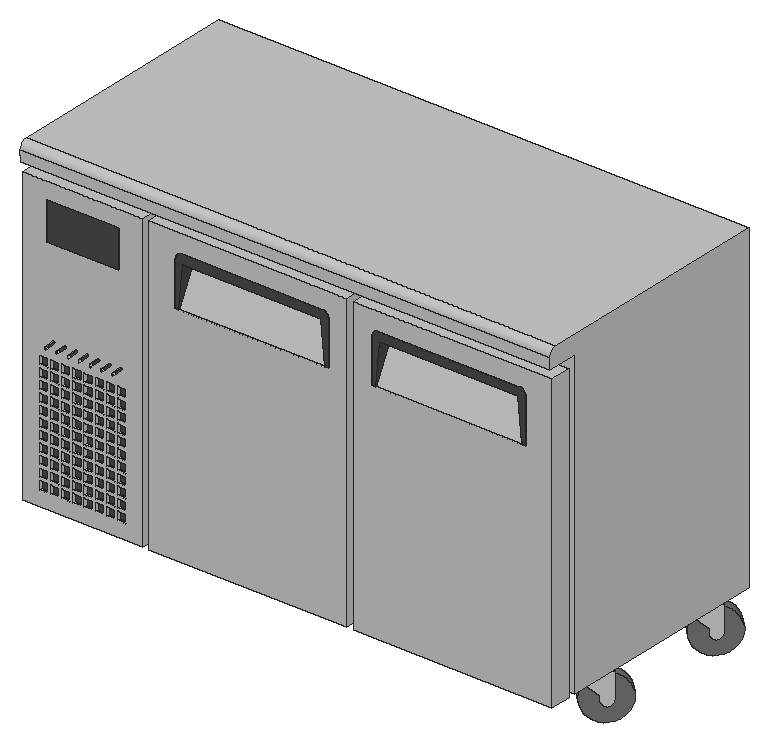
Revit family "QF_Turbo Air_JUR-48Naece8cd7-d3ac-46fe-89af-6d6bcccee4e3", category Specialty Equipment, Revit 2012
Parameters
  Weight in Pounds = 190
  Watermarked By = "http://revitwatermark.com"
  Volts = 115 V
  URL Cutsheet = ""
  URL = "www.turboairinc.com"
  Status [instance] = ""
  Specification by User [instance] = ""
  Specification by Manufacturer [instance] = ""
  Serial Number [instance] = ""
  Revision Code [instance] = ""
  Phase = 1
  Number of Poles [instance] = 1
  NAFEM Spec ID Number [instance] = ""
  Model = "JUR-48N"
  Masterspec [instance] = ""
  Manufacturer = "Turbo Air"  # constant formula
  Legs [instance] = [6 inch Legs]  # no
  Item Number [instance] = "-"
  Installed By [instance] = ""
  HP = "1/4"
  Furnished By [instance] = ""
  Foodservice Equipment Identifier = yes
  FL Amps = 4.5 A
  Electrical Remarks [instance] = ""
  Electric Connection Type [instance] = ""
  Elec Conn RI Height [instance] = 0' - 0"
  Elec Conn Connection Height = 1' - 0"
  Description = "Undercounter Refrigerator"
  Cycle = 60 Hz
  Conn Plug = "NEMA 5-15P"
  Casters [instance] = not(Legs)  # yes
  CasterLeg Height [instance] = if([4 inch Casters], 0' 5", if([5 inch Casters], 0' 5 3/4", if([2_5 inch Casters], 0' 3 3/8", 0' 6")))  # 0' - 5"
  CSI MasterFormat = "11 41 13"
  Assembly Code = "E1090320"
  Apparent Power = if(Phase = 3, Volts * FL Amps * 1.73, Volts * FL Amps)  # 517.5 VA
  6 inch Legs [instance] = no
  5 inch Casters [instance] = no
  4 inch Casters [instance] = yes
  2_5 inch Casters [instance] = no
Reference planes (in)
  plane 1 "BACK": y = -5.375
  plane 2: z = 0
  plane 3 "LEFT": x = -20.72594
  plane 4 "Bottom": z = 5
  plane 5 "Back Stops": y = -4.375
  plane 6 "RIGHT": x = 26.52406
  plane 7 "FRONT": y = -29
  plane 8 "Door Clearance": y = -43.375
  plane 9 "Back of Door": y = -25.4375
  plane 10 "Front of Box": y = -24.75
  plane 11 "Counter Top": z = 33.75
  plane 12 "Top of Door": z = 31.25
  plane 13 "Front of Doors": y = -27.25
  plane 14 "Front of Ledge": y = -27.5
  plane 15 "Left of Right Door": x = 8.83656
  plane 16 "Right of Grill": x = -9.97594
  plane 17 "Right of Left Door": x = 8.21156
  plane 18 "Left of Left Door": x = -9.47594
Forms (in)
  Extrusion 1, solid, material "QF_Finishes_Stainless Steel"
    sketch origin (-20.72594, 0, 0) x (0, 1, 0) y (0, 0, 1)
      loop
        line (-5.375, 5) -> (-5.375, 33.75) -> (-26.8125, 33.75)
        arc (-26.8125, 33.75) -> (-27.29864, 33.54864) -> (-27.5, 33.0625) r 0.6875
        line (-27.5, 33.0625) -> (-27.5, 32.125) -> (-24.75, 32.125) -> (-24.75, 5) -> (-5.375, 5)
    from 0 to 47.25
  Extrusion 2, solid, material "QF_Finishes_Black"
    sketch origin (0, -24.75, 0) x (1, 0, 0) y (0, 0, 1)
      loop
        line (25.52406, 6) -> (25.52406, 30.25) -> (9.83656, 30.25) -> (9.83656, 6) -> (25.52406, 6)
      loop
        line (7.21156, 6) -> (7.21156, 30.25) -> (-8.47594, 30.25) -> (-8.47594, 6) -> (7.21156, 6)
    from 0 to 0.6875
  Extrusion 3, solid, material "QF_Finishes_Black"
    sketch origin (0, -5.375, 0) x (1, 0, 0) y (0, 0, 1)
      loop
        circle (-14.60094, 28.9375) r 0.5
      loop
        circle (20.39906, 28.9375) r 0.5
    from 0 to -1
  Extrusion 4, solid, material "QF_Finishes_Stainless Steel"
    sketch origin (0, -5.375, 0) x (1, 0, 0) y (0, 0, 1)
      loop
        circle (-15.35094, 11.125) r 0.25
    from 0 to -0.0625
  Extrusion 5, solid, material "QF_Finishes_Stainless Steel"
    sketch origin (0, -24.75, 0) x (1, 0, 0) y (0, 0, 1)
      loop
        line (-20.72594, 31.25) -> (-20.72594, 5) -> (-9.97594, 5) -> (-9.97594, 31.25) -> (-20.72594, 31.25)
      loop
        line (-11.47594, 7.125) -> (-12.22594, 7.125) -> (-12.22594, 6.375) -> (-11.47594, 6.375) -> (-11.47594, 7.125)
      loop
        line (-12.47594, 7.125) -> (-13.22594, 7.125) -> (-13.22594, 6.375) -> (-12.47594, 6.375) -> (-12.47594, 7.125)
      loop
        line (-13.47594, 7.125) -> (-14.22594, 7.125) -> (-14.22594, 6.375) -> (-13.47594, 6.375) -> (-13.47594, 7.125)
      loop
        line (-14.47594, 7.125) -> (-15.22594, 7.125) -> (-15.22594, 6.375) -> (-14.47594, 6.375) -> (-14.47594, 7.125)
      loop
        line (-15.47594, 7.125) -> (-16.22594, 7.125) -> (-16.22594, 6.375) -> (-15.47594, 6.375) -> (-15.47594, 7.125)
      loop
        line (-16.47594, 7.125) -> (-17.22594, 7.125) -> (-17.22594, 6.375) -> (-16.47594, 6.375) -> (-16.47594, 7.125)
      loop
        line (-17.47594, 7.125) -> (-18.22594, 7.125) -> (-18.22594, 6.375) -> (-17.47594, 6.375) -> (-17.47594, 7.125)
      loop
        line (-18.47594, 7.125) -> (-19.22594, 7.125) -> (-19.22594, 6.375) -> (-18.47594, 6.375) -> (-18.47594, 7.125)
      loop
        line (-11.47594, 8.125) -> (-12.22594, 8.125) -> (-12.22594, 7.375) -> (-11.47594, 7.375) -> (-11.47594, 8.125)
      loop
        line (-12.47594, 8.125) -> (-13.22594, 8.125) -> (-13.22594, 7.375) -> (-12.47594, 7.375) -> (-12.47594, 8.125)
      loop
        line (-13.47594, 8.125) -> (-14.22594, 8.125) -> (-14.22594, 7.375) -> (-13.47594, 7.375) -> (-13.47594, 8.125)
      loop
        line (-14.47594, 8.125) -> (-15.22594, 8.125) -> (-15.22594, 7.375) -> (-14.47594, 7.375) -> (-14.47594, 8.125)
      loop
        line (-15.47594, 8.125) -> (-16.22594, 8.125) -> (-16.22594, 7.375) -> (-15.47594, 7.375) -> (-15.47594, 8.125)
      loop
        line (-16.47594, 8.125) -> (-17.22594, 8.125) -> (-17.22594, 7.375) -> (-16.47594, 7.375) -> (-16.47594, 8.125)
      loop
        line (-17.47594, 8.125) -> (-18.22594, 8.125) -> (-18.22594, 7.375) -> (-17.47594, 7.375) -> (-17.47594, 8.125)
      loop
        line (-18.47594, 8.125) -> (-19.22594, 8.125) -> (-19.22594, 7.375) -> (-18.47594, 7.375) -> (-18.47594, 8.125)
      loop
        line (-11.47594, 9.125) -> (-12.22594, 9.125) -> (-12.22594, 8.375) -> (-11.47594, 8.375) -> (-11.47594, 9.125)
      loop
        line (-12.47594, 9.125) -> (-13.22594, 9.125) -> (-13.22594, 8.375) -> (-12.47594, 8.375) -> (-12.47594, 9.125)
      loop
        line (-13.47594, 9.125) -> (-14.22594, 9.125) -> (-14.22594, 8.375) -> (-13.47594, 8.375) -> (-13.47594, 9.125)
      loop
        line (-14.47594, 9.125) -> (-15.22594, 9.125) -> (-15.22594, 8.375) -> (-14.47594, 8.375) -> (-14.47594, 9.125)
      loop
        line (-15.47594, 9.125) -> (-16.22594, 9.125) -> (-16.22594, 8.375) -> (-15.47594, 8.375) -> (-15.47594, 9.125)
      loop
        line (-16.47594, 9.125) -> (-17.22594, 9.125) -> (-17.22594, 8.375) -> (-16.47594, 8.375) -> (-16.47594, 9.125)
      loop
        line (-17.47594, 9.125) -> (-18.22594, 9.125) -> (-18.22594, 8.375) -> (-17.47594, 8.375) -> (-17.47594, 9.125)
      loop
        line (-18.47594, 9.125) -> (-19.22594, 9.125) -> (-19.22594, 8.375) -> (-18.47594, 8.375) -> (-18.47594, 9.125)
      loop
        line (-11.47594, 10.125) -> (-12.22594, 10.125) -> (-12.22594, 9.375) -> (-11.47594, 9.375) -> (-11.47594, 10.125)
      loop
        line (-12.47594, 10.125) -> (-13.22594, 10.125) -> (-13.22594, 9.375) -> (-12.47594, 9.375) -> (-12.47594, 10.125)
      loop
        line (-13.47594, 10.125) -> (-14.22594, 10.125) -> (-14.22594, 9.375) -> (-13.47594, 9.375) -> (-13.47594, 10.125)
      loop
        line (-14.47594, 10.125) -> (-15.22594, 10.125) -> (-15.22594, 9.375) -> (-14.47594, 9.375) -> (-14.47594, 10.125)
      loop
        line (-15.47594, 10.125) -> (-16.22594, 10.125) -> (-16.22594, 9.375) -> (-15.47594, 9.375) -> (-15.47594, 10.125)
      loop
        line (-16.47594, 10.125) -> (-17.22594, 10.125) -> (-17.22594, 9.375) -> (-16.47594, 9.375) -> (-16.47594, 10.125)
      loop
        line (-17.47594, 10.125) -> (-18.22594, 10.125) -> (-18.22594, 9.375) -> (-17.47594, 9.375) -> (-17.47594, 10.125)
      loop
        line (-18.47594, 10.125) -> (-19.22594, 10.125) -> (-19.22594, 9.375) -> (-18.47594, 9.375) -> (-18.47594, 10.125)
      loop
        line (-11.47594, 11.125) -> (-12.22594, 11.125) -> (-12.22594, 10.375) -> (-11.47594, 10.375) -> (-11.47594, 11.125)
      loop
        line (-12.47594, 11.125) -> (-13.22594, 11.125) -> (-13.22594, 10.375) -> (-12.47594, 10.375) -> (-12.47594, 11.125)
      loop
        line (-13.47594, 11.125) -> (-14.22594, 11.125) -> (-14.22594, 10.375) -> (-13.47594, 10.375) -> (-13.47594, 11.125)
      loop
        line (-14.47594, 11.125) -> (-15.22594, 11.125) -> (-15.22594, 10.375) -> (-14.47594, 10.375) -> (-14.47594, 11.125)
      loop
        line (-15.47594, 11.125) -> (-16.22594, 11.125) -> (-16.22594, 10.375) -> (-15.47594, 10.375) -> (-15.47594, 11.125)
      loop
        line (-16.47594, 11.125) -> (-17.22594, 11.125) -> (-17.22594, 10.375) -> (-16.47594, 10.375) -> (-16.47594, 11.125)
      loop
        line (-17.47594, 11.125) -> (-18.22594, 11.125) -> (-18.22594, 10.375) -> (-17.47594, 10.375) -> (-17.47594, 11.125)
      loop
        line (-18.47594, 11.125) -> (-19.22594, 11.125) -> (-19.22594, 10.375) -> (-18.47594, 10.375) -> (-18.47594, 11.125)
      loop
        line (-11.47594, 12.125) -> (-12.22594, 12.125) -> (-12.22594, 11.375) -> (-11.47594, 11.375) -> (-11.47594, 12.125)
      loop
        line (-12.47594, 12.125) -> (-13.22594, 12.125) -> (-13.22594, 11.375) -> (-12.47594, 11.375) -> (-12.47594, 12.125)
      loop
        line (-13.47594, 12.125) -> (-14.22594, 12.125) -> (-14.22594, 11.375) -> (-13.47594, 11.375) -> (-13.47594, 12.125)
      loop
        line (-14.47594, 12.125) -> (-15.22594, 12.125) -> (-15.22594, 11.375) -> (-14.47594, 11.375) -> (-14.47594, 12.125)
      loop
        line (-15.47594, 12.125) -> (-16.22594, 12.125) -> (-16.22594, 11.375) -> (-15.47594, 11.375) -> (-15.47594, 12.125)
      loop
        line (-16.47594, 12.125) -> (-17.22594, 12.125) -> (-17.22594, 11.375) -> (-16.47594, 11.375) -> (-16.47594, 12.125)
      loop
        line (-17.47594, 12.125) -> (-18.22594, 12.125) -> (-18.22594, 11.375) -> (-17.47594, 11.375) -> (-17.47594, 12.125)
      loop
        line (-18.47594, 12.125) -> (-19.22594, 12.125) -> (-19.22594, 11.375) -> (-18.47594, 11.375) -> (-18.47594, 12.125)
      loop
        line (-11.47594, 13.125) -> (-12.22594, 13.125) -> (-12.22594, 12.375) -> (-11.47594, 12.375) -> (-11.47594, 13.125)
      loop
        line (-12.47594, 13.125) -> (-13.22594, 13.125) -> (-13.22594, 12.375) -> (-12.47594, 12.375) -> (-12.47594, 13.125)
      loop
        line (-13.47594, 13.125) -> (-14.22594, 13.125) -> (-14.22594, 12.375) -> (-13.47594, 12.375) -> (-13.47594, 13.125)
      loop
        line (-14.47594, 13.125) -> (-15.22594, 13.125) -> (-15.22594, 12.375) -> (-14.47594, 12.375) -> (-14.47594, 13.125)
      loop
        line (-15.47594, 13.125) -> (-16.22594, 13.125) -> (-16.22594, 12.375) -> (-15.47594, 12.375) -> (-15.47594, 13.125)
      loop
        line (-16.47594, 13.125) -> (-17.22594, 13.125) -> (-17.22594, 12.375) -> (-16.47594, 12.375) -> (-16.47594, 13.125)
      loop
        line (-17.47594, 13.125) -> (-18.22594, 13.125) -> (-18.22594, 12.375) -> (-17.47594, 12.375) -> (-17.47594, 13.125)
      loop
        line (-18.47594, 13.125) -> (-19.22594, 13.125) -> (-19.22594, 12.375) -> (-18.47594, 12.375) -> (-18.47594, 13.125)
      loop
        line (-11.47594, 14.125) -> (-12.22594, 14.125) -> (-12.22594, 13.375) -> (-11.47594, 13.375) -> (-11.47594, 14.125)
      loop
        line (-12.47594, 14.125) -> (-13.22594, 14.125) -> (-13.22594, 13.375) -> (-12.47594, 13.375) -> (-12.47594, 14.125)
      loop
        line (-13.47594, 14.125) -> (-14.22594, 14.125) -> (-14.22594, 13.375) -> (-13.47594, 13.375) -> (-13.47594, 14.125)
      loop
        line (-14.47594, 14.125) -> (-15.22594, 14.125) -> (-15.22594, 13.375) -> (-14.47594, 13.375) -> (-14.47594, 14.125)
      loop
        line (-15.47594, 14.125) -> (-16.22594, 14.125) -> (-16.22594, 13.375) -> (-15.47594, 13.375) -> (-15.47594, 14.125)
      loop
        line (-16.47594, 14.125) -> (-17.22594, 14.125) -> (-17.22594, 13.375) -> (-16.47594, 13.375) -> (-16.47594, 14.125)
      loop
        line (-17.47594, 14.125) -> (-18.22594, 14.125) -> (-18.22594, 13.375) -> (-17.47594, 13.375) -> (-17.47594, 14.125)
      loop
        line (-18.47594, 14.125) -> (-19.22594, 14.125) -> (-19.22594, 13.375) -> (-18.47594, 13.375) -> (-18.47594, 14.125)
      loop
        line (-11.47594, 15.125) -> (-12.22594, 15.125) -> (-12.22594, 14.375) -> (-11.47594, 14.375) -> (-11.47594, 15.125)
      loop
        line (-12.47594, 15.125) -> (-13.22594, 15.125) -> (-13.22594, 14.375) -> (-12.47594, 14.375) -> (-12.47594, 15.125)
      loop
        line (-13.47594, 15.125) -> (-14.22594, 15.125) -> (-14.22594, 14.375) -> (-13.47594, 14.375) -> (-13.47594, 15.125)
      loop
        line (-14.47594, 15.125) -> (-15.22594, 15.125) -> (-15.22594, 14.375) -> (-14.47594, 14.375) -> (-14.47594, 15.125)
      loop
        line (-15.47594, 15.125) -> (-16.22594, 15.125) -> (-16.22594, 14.375) -> (-15.47594, 14.375) -> (-15.47594, 15.125)
      loop
        line (-16.47594, 15.125) -> (-17.22594, 15.125) -> (-17.22594, 14.375) -> (-16.47594, 14.375) -> (-16.47594, 15.125)
      loop
        line (-17.47594, 15.125) -> (-18.22594, 15.125) -> (-18.22594, 14.375) -> (-17.47594, 14.375) -> (-17.47594, 15.125)
      loop
        line (-18.47594, 15.125) -> (-19.22594, 15.125) -> (-19.22594, 14.375) -> (-18.47594, 14.375) -> (-18.47594, 15.125)
      loop
        line (-11.47594, 16.125) -> (-12.22594, 16.125) -> (-12.22594, 15.375) -> (-11.47594, 15.375) -> (-11.47594, 16.125)
      loop
        line (-12.47594, 16.125) -> (-13.22594, 16.125) -> (-13.22594, 15.375) -> (-12.47594, 15.375) -> (-12.47594, 16.125)
      loop
        line (-13.47594, 16.125) -> (-14.22594, 16.125) -> (-14.22594, 15.375) -> (-13.47594, 15.375) -> (-13.47594, 16.125)
      loop
        line (-14.47594, 16.125) -> (-15.22594, 16.125) -> (-15.22594, 15.375) -> (-14.47594, 15.375) -> (-14.47594, 16.125)
      loop
        line (-15.47594, 16.125) -> (-16.22594, 16.125) -> (-16.22594, 15.375) -> (-15.47594, 15.375) -> (-15.47594, 16.125)
      loop
        line (-16.47594, 16.125) -> (-17.22594, 16.125) -> (-17.22594, 15.375) -> (-16.47594, 15.375) -> (-16.47594, 16.125)
      loop
        line (-17.47594, 16.125) -> (-18.22594, 16.125) -> (-18.22594, 15.375) -> (-17.47594, 15.375) -> (-17.47594, 16.125)
      loop
        line (-18.47594, 16.125) -> (-19.22594, 16.125) -> (-19.22594, 15.375) -> (-18.47594, 15.375) -> (-18.47594, 16.125)
      loop
        line (-11.47594, 17.125) -> (-12.22594, 17.125) -> (-12.22594, 16.375) -> (-11.47594, 16.375) -> (-11.47594, 17.125)
      loop
        line (-12.47594, 17.125) -> (-13.22594, 17.125) -> (-13.22594, 16.375) -> (-12.47594, 16.375) -> (-12.47594, 17.125)
      loop
        line (-13.47594, 17.125) -> (-14.22594, 17.125) -> (-14.22594, 16.375) -> (-13.47594, 16.375) -> (-13.47594, 17.125)
      loop
        line (-14.47594, 17.125) -> (-15.22594, 17.125) -> (-15.22594, 16.375) -> (-14.47594, 16.375) -> (-14.47594, 17.125)
      loop
        line (-15.47594, 17.125) -> (-16.22594, 17.125) -> (-16.22594, 16.375) -> (-15.47594, 16.375) -> (-15.47594, 17.125)
      loop
        line (-16.47594, 17.125) -> (-17.22594, 17.125) -> (-17.22594, 16.375) -> (-16.47594, 16.375) -> (-16.47594, 17.125)
      loop
        line (-17.47594, 17.125) -> (-18.22594, 17.125) -> (-18.22594, 16.375) -> (-17.47594, 16.375) -> (-17.47594, 17.125)
      loop
        line (-18.47594, 17.125) -> (-19.22594, 17.125) -> (-19.22594, 16.375) -> (-18.47594, 16.375) -> (-18.47594, 17.125)
      loop
        arc (-14.68933, 17.96339) -> (-14.68933, 17.78661) -> (-14.51255, 17.78661) r 0.125
        line (-14.51255, 17.78661) -> (-13.80544, 18.49372)
        arc (-13.80544, 18.49372) -> (-13.80544, 18.6705) -> (-13.98222, 18.6705) r 0.125
        line (-13.98222, 18.6705) -> (-14.68933, 17.96339)
      loop
        arc (-13.68933, 17.96339) -> (-13.68933, 17.78661) -> (-13.51255, 17.78661) r 0.125
        line (-13.51255, 17.78661) -> (-12.80544, 18.49372)
        arc (-12.80544, 18.49372) -> (-12.80544, 18.6705) -> (-12.98222, 18.6705) r 0.125
        line (-12.98222, 18.6705) -> (-13.68933, 17.96339)
      loop
        arc (-12.68933, 17.96339) -> (-12.68933, 17.78661) -> (-12.51255, 17.78661) r 0.125
        line (-12.51255, 17.78661) -> (-11.80544, 18.49372)
        arc (-11.80544, 18.49372) -> (-11.80544, 18.6705) -> (-11.98222, 18.6705) r 0.125
        line (-11.98222, 18.6705) -> (-12.68933, 17.96339)
      loop
        arc (-17.68933, 17.96339) -> (-17.68933, 17.78661) -> (-17.51255, 17.78661) r 0.125
        line (-17.51255, 17.78661) -> (-16.80544, 18.49372)
        arc (-16.80544, 18.49372) -> (-16.80544, 18.6705) -> (-16.98222, 18.6705) r 0.125
        line (-16.98222, 18.6705) -> (-17.68933, 17.96339)
      loop
        arc (-16.68933, 17.96339) -> (-16.68933, 17.78661) -> (-16.51255, 17.78661) r 0.125
        line (-16.51255, 17.78661) -> (-15.80544, 18.49372)
        arc (-15.80544, 18.49372) -> (-15.80544, 18.6705) -> (-15.98222, 18.6705) r 0.125
        line (-15.98222, 18.6705) -> (-16.68933, 17.96339)
      loop
        arc (-15.68933, 17.96339) -> (-15.68933, 17.78661) -> (-15.51255, 17.78661) r 0.125
        line (-15.51255, 17.78661) -> (-14.80544, 18.49372)
        arc (-14.80544, 18.49372) -> (-14.80544, 18.6705) -> (-14.98222, 18.6705) r 0.125
        line (-14.98222, 18.6705) -> (-15.68933, 17.96339)
      loop
        arc (-18.68933, 17.96339) -> (-18.68933, 17.78661) -> (-18.51255, 17.78661) r 0.125
        line (-18.51255, 17.78661) -> (-17.80544, 18.49372)
        arc (-17.80544, 18.49372) -> (-17.80544, 18.6705) -> (-17.98222, 18.6705) r 0.125
        line (-17.98222, 18.6705) -> (-18.68933, 17.96339)
      loop
        line (-12.16344, 29.75) -> (-18.53844, 29.75) -> (-18.53844, 26.375) -> (-12.16344, 26.375) -> (-12.16344, 29.75)
    from 0 to 2.5
  Extrusion 6, solid, material "QF_Finishes_Black"
    sketch origin (0, -24.75, 0) x (1, 0, 0) y (0, 0, 1)
      loop
        line (-19.72594, 5.875) -> (-10.97594, 5.875) -> (-10.97594, 19.125) -> (-19.72594, 19.125) -> (-19.72594, 5.875)
    from 0 to 2.25
  Extrusion 7, solid, material "QF_Finishes_Black"
    sketch origin (0, -24.75, 0) x (1, 0, 0) y (0, 0, 1)
      loop
        line (-18.53844, 29.75) -> (-18.53844, 26.375) -> (-12.16344, 26.375) -> (-12.16344, 29.75) -> (-18.53844, 29.75)
    from 0 to 2.5
Lines and regions (in)
  symbolic lines
    curve 1: line (-20.72594, -5.375, 33.75) -> (26.52406, -5.375, 33.75)
    curve 2: line (-20.72594, -29, 33.75) -> (-20.72594, -5.375, 33.75)
    curve 3: line (26.52406, -29, 33.75) -> (-20.72594, -29, 33.75)
    curve 4: line (26.52406, -5.375, 33.75) -> (26.52406, -29, 33.75)
    curve 5: line (19.89906, -4.375, 33.75) -> (20.89906, -4.375, 33.75)
    curve 6: line (-15.10094, -4.375, 33.75) -> (-14.10094, -4.375, 33.75)
    curve 7: line (-15.10094, -4.375, 33.75) -> (-15.10094, -5.375, 33.75)
    curve 8: line (-14.10094, -4.375, 33.75) -> (-14.10094, -5.375, 33.75)
    curve 9: line (19.89906, -4.375, 33.75) -> (19.89906, -5.375, 33.75)
    curve 10: line (20.89906, -4.375, 33.75) -> (20.89906, -5.375, 33.75)
  symbolic lines, style "QF_Clearances", detail levels coarse
    curve 11: line (26.52406, -29, 33.75) -> (26.52406, -43.375, 33.75)
    curve 12: arc (26.52406, -43.375, 33.75) -> (15.24891, -39.31537, 33.75) -> (9.14951, -29, 33.75) r 17.6875
    curve 13: line (-9.47594, -29, 33.75) -> (-9.47594, -43.375, 33.75)
    curve 14: arc (-9.47594, -43.375, 33.75) -> (1.79921, -39.31537, 33.75) -> (7.89861, -29, 33.75) r 17.6875
Dimensions and locks (in)
  "CasterLeg Height": plane 4 "Bottom" to plane 2
  locked: plane 1 "BACK" to plane 5 "Back Stops" at 1
  locked: plane 6 "RIGHT" to plane 3 "LEFT" at 47.25
  locked: plane 7 "FRONT" to plane 1 "BACK" at 23.625
  locked: plane 9 "Back of Door" to plane 10 "Front of Box" at 0.6875
  locked: plane 11 "Counter Top" to plane 4 "Bottom" at 28.75
  locked: Extrusion 2 sketch curve to plane 6 "RIGHT" at 1
  locked: nested 1 to plane 1 "BACK" at 2.5625
  locked: plane 3 "LEFT" to nested 1 at 2.5
  locked: plane 3 "LEFT" to nested 2 at 2.5
  locked: plane 10 "Front of Box" to nested 2 at 4.625
  locked: nested 3 to plane 6 "RIGHT" at 2.5
  locked: nested 4 to plane 6 "RIGHT" at 2.5
  locked: plane 10 "Front of Box" to nested 4 at 4.625
  locked: nested 3 to plane 1 "BACK" at 2.5625
  locked: plane 11 "Counter Top" to Extrusion 3 sketch curve at 4.8125  (x2)
  locked: plane 6 "RIGHT" to Extrusion 3 sketch curve at 6.125
  locked: Extrusion 3 sketch curve to plane 3 "LEFT" at 6.125
  locked: Extrusion 4 sketch curve to plane 4 "Bottom" at 6.125
  locked: Extrusion 2 sketch curve to plane 4 "Bottom" at 1  (x2)
  locked: plane 12 "Top of Door" to Extrusion 2 sketch curve at 1  (x2)
  locked: plane 13 "Front of Doors" to plane 10 "Front of Box" at 2.5
  locked: plane 14 "Front of Ledge" to plane 13 "Front of Doors" at 0.25
  locked: plane 11 "Counter Top" to plane 12 "Top of Door" at 2.5
  locked: plane 11 "Counter Top" to Extrusion 1 sketch curve at 1.625
  locked: plane 15 "Left of Right Door" to plane 6 "RIGHT" at 17.6875
  locked: plane 3 "LEFT" to plane 16 "Right of Grill" at 10.75
  locked: Extrusion 2 sketch curve to plane 15 "Left of Right Door" at 1
  locked: plane 3 "LEFT" to Extrusion 6 sketch curve at 1
  locked: plane 16 "Right of Grill" to Extrusion 6 sketch curve at 1
  locked: Extrusion 6 sketch curve to plane 4 "Bottom" at 0.875
  locked: Extrusion 6 sketch curve to Extrusion 6 sketch curve at 13.25
  locked: Extrusion 4 sketch curve to plane 3 "LEFT" at 5.375
  locked: plane 16 "Right of Grill" to plane 18 "Left of Left Door" at 0.5
  locked: plane 18 "Left of Left Door" to plane 17 "Right of Left Door" at 17.6875
  locked: Extrusion 2 sketch curve to plane 17 "Right of Left Door" at 1
  locked: Extrusion 2 sketch curve to plane 18 "Left of Left Door" at 1
  locked: plane 8 "Door Clearance" to curve 3 at 14.375
  aligned and locked: level to plane 2
  aligned and locked: Extrusion 1 sketch curve to plane 1 "BACK"
  aligned and locked: Extrusion 1 sketch curve to plane 4 "Bottom"
  aligned and locked: plane 10 "Front of Box" to Extrusion 1 sketch curve
  aligned and locked: plane 6 "RIGHT" to Extrusion 1
  aligned and locked: plane 9 "Back of Door" to Extrusion 2
  aligned and locked: Extrusion 1 sketch curve to plane 11 "Counter Top"
  aligned and locked: Extrusion 3 to plane 5 "Back Stops"
  aligned and locked: plane 1 "BACK" to curve 1
  aligned and locked: plane 3 "LEFT" to curve 2
  aligned and locked: curve 5 to Extrusion 3
  aligned and locked: curve 6 to Extrusion 3
  aligned and locked: plane 4 "Bottom" to nested 5
  aligned and locked: Extrusion 1 sketch curve to plane 14 "Front of Ledge"
  aligned and locked: Extrusion 5 sketch curve to plane 12 "Top of Door"
  aligned and locked: plane 3 "LEFT" to Extrusion 5 sketch curve
  aligned and locked: plane 4 "Bottom" to Extrusion 5 sketch curve
  aligned and locked: plane 16 "Right of Grill" to Extrusion 5 sketch curve
  aligned and locked: plane 13 "Front of Doors" to Extrusion 5
  aligned and locked: plane 13 "Front of Doors" to Extrusion 7
  aligned and locked: plane 6 "RIGHT" to nested 5
  aligned and locked: plane 17 "Right of Left Door" to nested 6
  aligned and locked: nested 6 to plane 4 "Bottom"
Automatic sketch dimensions
  curve 11 to plane 6 "RIGHT" = 0' - 0"
  plane 8 "Door Clearance" to curve 11 = 0' - 0"
  plane 8 "Door Clearance" to curve 14 = 0' - 0"
  curve 14 to plane 18 "Left of Left Door" = 0' - 0"
  plane 9 "Back of Door" to curve 14 = 0' - 0 1/4"
  plane 9 "Back of Door" to curve 12 = 0' - 0 1/4"
  curve 5 to curve 9 = 0' - 1"
  curve 6 to curve 7 = 0' - 1"
  Extrusion 5 sketch curve to Extrusion 5 sketch curve = 0' - 0.08839"  (x42)
  Extrusion 5 sketch curve to Extrusion 5 sketch curve = 0' - 0 3/4"  (x52)
  Extrusion 5 sketch curve to Extrusion 5 sketch curve = 0' - 0"  (x162)
  Extrusion 5 sketch curve to Extrusion 5 sketch curve = 0' - 0.03661"  (x7)
  Extrusion 5 sketch curve to Extrusion 5 sketch curve = 0' - 0 1/4"  (x125)
  Extrusion 5 sketch curve to Extrusion 5 sketch curve = 0' - 0.70711"  (x2)
  Extrusion 5 sketch curve to Extrusion 5 sketch curve = 0' - 0.11612"  (x6)
  Extrusion 5 sketch curve to Extrusion 5 sketch curve = 0' - 0.82322"  (x6)
  Extrusion 5 sketch curve to plane 16 "Right of Grill" = 0' - 2 3/16"
  plane 4 "Bottom" to Extrusion 5 sketch curve = 0' - 1 3/8"  (x2)
  Extrusion 5 sketch curve to Extrusion 5 sketch curve = 0' - 0.66161"  (x7)
  Extrusion 5 sketch curve to Extrusion 5 sketch curve = 0' - 0.53033"  (x6)
  Extrusion 5 sketch curve to plane 12 "Top of Door" = 0' - 4 7/8"
  Extrusion 5 sketch curve to plane 12 "Top of Door" = 0' - 1 1/2"
  Extrusion 7 sketch curve to plane 16 "Right of Grill" = 0' - 2 3/16"
  Extrusion 7 sketch curve to plane 12 "Top of Door" = 0' - 4 7/8"
  Extrusion 7 sketch curve to plane 12 "Top of Door" = 0' - 1 1/2"
  Extrusion 1 sketch curve to plane 13 "Front of Doors" = 0' - 0 7/16"
  curve 8 to plane 16 "Right of Grill" = 0' - 4 1/8"
  plane 3 "LEFT" to Extrusion 5 sketch curve = 0' - 1 1/2"  (x4)
  Extrusion 5 sketch curve to Extrusion 5 sketch curve = 0' - 0.53661"
  plane 3 "LEFT" to Extrusion 5 sketch curve = 0' - 2 3/16"
  plane 3 "LEFT" to Extrusion 7 sketch curve = 0' - 2 3/16"
  curve 10 to plane 6 "RIGHT" = 0' - 5 5/8"
  radius of Extrusion 3 sketch curve = 0' - 0 1/2"  (x2)
  radius of Extrusion 4 sketch curve = 0' - 0 1/4"
Nested families (in)
  nested 1: "FESCasterLeg" at (-18.22594, -7.9375, 0), Legs <- "Legs", Casters <- "Casters", Height <- "CasterLeg Height", type "FESCasterLeg"
    with Legs no, Height 0' - 5", Casters yes, Caster Radius 0' - 2"
  nested 2: "FESCasterLeg" at (-18.22594, -20.125, 0), Legs <- "Legs", Casters <- "Casters", Height <- "CasterLeg Height", type "FESCasterLeg"
    with Legs no, Height 0' - 5", Casters yes, Caster Radius 0' - 2"
  nested 3: "FESCasterLeg" at (24.02406, -7.9375, 0), Legs <- "Legs", Casters <- "Casters", Height <- "CasterLeg Height", type "FESCasterLeg"
    with Legs no, Height 0' - 5", Casters yes, Caster Radius 0' - 2"
  nested 4: "FESCasterLeg" at (24.02406, -20.125, 0), Legs <- "Legs", Casters <- "Casters", Height <- "CasterLeg Height", type "FESCasterLeg"
    with Legs no, Height 0' - 5", Casters yes, Caster Radius 0' - 2"
  nested 5: "QF_Turbo Air_TBL_Door-1" at (11.34739, -25.4375, 5) x (-1, 0, 0) z (0, 0, 1), type "QF_Turbo Air_TBL_Door-1"
    with Width 1' - 5 11/16", Symbolic Lines no, Height 2' - 2 1/4", Handle Width 1' - 1 11/16", Depth 0' - 1 13/16"
  nested 6: "QF_Turbo Air_TBL_Door-1" at (5.70073, -25.4375, 5), type "QF_Turbo Air_TBL_Door-1"
    with Width 1' - 5 11/16", Symbolic Lines no, Height 2' - 2 1/4", Handle Width 1' - 1 11/16", Depth 0' - 1 13/16"
Connectors (in)
  electrical at (-15.35094, -5.3125, 11.125), driven by "Number of Poles", driven by "Volts", driven by "Apparent Power"
    settings: on Extrusion 4, index 1, voltage 115 V, apparent load 517.5 VA, apparent load phase1 0 VA, apparent load phase2 0 VA, apparent load phase3 0 VA, power factor 1, load classification "Other", number of poles 1, system type 30, power factor state 1, is connector primary yes, connector utility no, sub classification motor no, connector description ""
Definition of nested family "FESCasterLeg"
  Parameters (values of type "FESCasterLeg")
    Watermarked By = "http://revitwatermark.com"
    Type Comments = "⍁⍉⌁⌀⏭⎽⌇⍠⌜⍉⎖⌥⌦⌯⍭⏊⍻⍿⍊⏵⍊⏗⏠⍴⎡⌈⎀⍠⌓⌤⏘⎐⍀⌐⏬⏁⎈⏍⏦⎒⏬⌝⍩⍇⌣〈⎫〉⎁⏊⍥⍖⍥⍝⍦⌖⍀⏌⏭⎝⎼⏷⏞⍻⏯⎽⏷⏞⍻⏯⎽⏷⎺⌻⎝⍎⌧⏷⏟⏿⌿⍜⍦⍤⌁⍬⏶⏎⍊⏚⏉⎞⌡⎀⎪⏈⌟⌿⍾⍼⌟⌿⌢⌞⏜⏝⎽⍷⍷⍯⍧⍷⌯⍽⏸⏨⏾⏎⌣⏺⍹⏼⏅⎏⌽⎫⎪⍙⎓⏗⎗⏅⌴⍏⍏⍿⏑⎺⍘⌭⏲⍥⎛⎾⎾⍞⍌⎪⎲⌙⎥⏏⎟⎟⏼⏘⎏⎝⏧⏍⏁⍏⍧⏯⏾⌟"
    Legs [instance] = yes
    Height [instance] = 0' - 6"
    Caster Radius [instance] = if(Height < 0' 3", 0' 1", (Height / 2) - 0' 0 1/2")  # 0' - 2 1/2"
    Casters [instance] = yes
    Assembly Code = ""
  Reference planes (in)
    plane 1 "Center (Front/Back)": y = 0
    plane 2: z = 0
    plane 3 "Center (Left/Right)": x = 0
    plane 4: z = 6
    plane 5: z = 5.5
  Forms (in)
    Extrusion 1, solid, material "QF_Finishes_Stainless Steel", visible <- "Casters"
      sketch origin (-24.12131, -22.88887, 10.18833) x (0.707107, 0.707107, 0) y (0, 0, 1)
        loop
          line (34.98772, -7.68833) -> (34.98772, -4.93833) -> (34.48772, -4.93833) -> (34.39402, -4.68833) -> (32.39402, -4.68833) -> (32.39402, -5.43833) -> (33.98772, -7.34206) -> (33.98772, -7.68833)
          arc (33.98772, -7.68833) -> (34.48772, -8.18833) -> (34.98772, -7.68833) r 0.5
      from 0 to 1.75
    Extrusion 2, solid, material "QF_Finishes_Rubber Black", visible <- "Casters"
      sketch origin (-24.32327, -23.09083, 13.31461) x (0.707107, 0.707107, 0) y (0, 0, 1)
        loop
          circle (34.77334, -10.81461) r 2.5
      from 0.375 to 1.375
    Extrusion 3, solid, material "QF_Finishes_Stainless Steel", visible <- "Casters"
      sketch origin (-7.24148, -8.48391, 0) x (0.707107, 0.707107, 0) y (0, 0, 1)
        loop
          line (10.61603, 5.5) -> (11.61603, 5.5) -> (11.61603, 6) -> (10.61603, 6) -> (10.61603, 5.5)
      from 0 to -1.75
    Blend 4, solid, material "QF_Finishes_Stainless Steel", visible <- "Legs"
      base sketch origin (0, 0, 0) x (1, 0, 0) y (0, 1, 0)
        loop
          circle (0, 0) r 0.5
      top sketch origin (0, 0, 0) x (1, 0, 0) y (0, 1, 0)
        loop
          circle (0, 0) r 1
      from 0 to 6 <- "Height"
  Lines and regions (in)
    symbolic lines, style "QF_Hidden Details", visible <- "Casters", built-in parameter 1006206 <- "Casters"
      curve 1: line (-1.26158, -0.51911, 0) -> (1.39007, 2.13254, 0)
      curve 2: line (-0.53429, -1.24639, 0) -> (2.11736, 1.40526, 0)
    symbolic lines, style "QF_Hidden Details", built-in parameter 1006206 <- "Casters", visible <- "Casters"
      curve 3: line (-1.26158, -0.51911, 0) -> (1.39007, 2.13254, 0)
      curve 4: line (-0.53429, -1.24639, 0) -> (2.11736, 1.40526, 0)
  Dimensions and locks (in)
    locked: plane 4 to plane 5 at 0.5
    "Height": plane 4 to level
    "Caster Radius": Extrusion 2 sketch curve to level
    "Caster Radius": Extrusion 1 sketch curve to level
    "Caster Radius": radius of Extrusion 2 sketch curve
    aligned and locked: plane 2 to level
    aligned: Blend 4 to Extrusion 3
    aligned and locked: plane 4 to Blend 4
    aligned and locked: Extrusion 3 to plane 5
    aligned and locked: plane 4 to Extrusion 3
    aligned and locked: plane 5 to Extrusion 1
  Automatic sketch dimensions
    plane 1 "Center (Front/Back)" to curve 3 = 0' - 0.51911"
    curve 3 to plane 3 "Center (Left/Right)" = 0' - 1.26158"
    plane 1 "Center (Front/Back)" to curve 1 = 0' - 0.51911"
    curve 1 to curve 3 = 0' - 0"  (x3)
    curve 4 to plane 3 "Center (Left/Right)" = 0' - 0.53429"
    curve 2 to curve 4 = 0' - 0"  (x2)
    plane 3 "Center (Left/Right)" to curve 3 = 0' - 1.39007"
    curve 1 to curve 4 = 0' - 0.72729"
    curve 2 to curve 1 = 0' - 0.72729"
    curve 4 to curve 2 = 0' - 0"  (x2)
    curve 2 to plane 1 "Center (Front/Back)" = 0' - 1.40526"
    curve 2 to curve 3 = 0' - 0.72729"
    plane 5 to Extrusion 1 sketch curve = 0' - 0"
    Extrusion 1 sketch curve to Extrusion 1 sketch curve = 0' - 1.5937"
    Extrusion 1 sketch curve to Extrusion 1 sketch curve = 0' - 2"
    Extrusion 1 sketch curve to Extrusion 1 sketch curve = 0' - 0.0937"
    Extrusion 1 sketch curve to Extrusion 1 sketch curve = 0' - 0 1/2"
    Extrusion 1 sketch curve to Extrusion 1 sketch curve = 0' - 0.34627"
    Extrusion 1 sketch curve to plane 5 = 0' - 0 3/4"
    Extrusion 1 sketch curve to plane 5 = 0' - 0 1/4"
    Extrusion 3 sketch curve to plane 5 = 0' - 0"
    plane 4 to Extrusion 3 sketch curve = 0' - 0"
    Extrusion 3 sketch curve to Extrusion 3 sketch curve = 0' - 1"
    plane 1 "Center (Front/Back)" to Blend 4 sketch curve = 0' - 0"  (x2)
    Blend 4 sketch curve to plane 3 "Center (Left/Right)" = 0' - 0"  (x2)
    radius of Blend 4 sketch curve = 0' - 0 1/2"
    radius of Blend 4 sketch curve = 0' - 1"
Definition of nested family "QF_Turbo Air_TBL_Door-1"
  Parameters (values of type "QF_Turbo Air_TBL_Door-1")
    Width [instance] = 2' - 5 5/16"
    Watermarked By = "http://revitwatermark.com"
    Symbolic Lines [instance] = yes
    Manufacturer = "Turbo Air"  # constant formula
    Height [instance] = 2' - 3 7/16"
    Handle Width [instance] = 1' - 5 5/8"
    Depth [instance] = 0' - 1 13/16"
  Reference planes (in)
    plane 1 "BACK": y = 0
    plane 2: z = 0
    plane 3 "LEFT": x = -15.17667
    plane 4: x = 14.13583
    plane 5 "FRONT": y = -1.8125
    plane 6: z = 27.4375
    plane 7 "Right of Handle": x = 12.51083
    plane 8 "Left of Handle": x = -5.11417
  Forms (in)
    Extrusion 1, solid, material "QF_Finishes_Black"
      sketch origin (-31.11417, 0, 15.01083) x (0, 0, -1) y (1, 0, 0)
        loop
          arc (-10.23917, 43.625) -> (-10.63691, 43.46025) -> (-10.80167, 43.0625) r 0.5625
          line (-10.80167, 43.0625) -> (-10.80167, 26.5625)
          arc (-10.80167, 26.5625) -> (-10.63691, 26.16475) -> (-10.23917, 26) r 0.5625
          line (-10.23917, 26) -> (-6.30167, 26) -> (-6.30167, 26.34375) -> (-9.98917, 26.66636) -> (-9.98917, 42.95864) -> (-6.30167, 43.28125) -> (-6.30167, 43.625) -> (-10.23917, 43.625)
      from 0 to 1.8125
    Extrusion 2, solid, material "QF_Finishes_Stainless Steel"
      sketch origin (-5.14542, 0, 15.01083) x (0, 1, 0) y (0, 0, 1)
        loop
          line (-1.8125, 6.30167) -> (0, 6.30167) -> (0, 9.98917) -> (-0.47036, 9.98917) -> (-1.8125, 6.30167)
      from 0.375 to 17.3125
    Extrusion 3, solid, material "QF_Finishes_Stainless Steel"
      sketch origin (0, 0, 0) x (1, 0, 0) y (0, 0, 1)
        loop
          line (-15.17667, 27.4375) -> (-15.17667, 0) -> (14.13583, 0) -> (14.13583, 27.4375) -> (-15.17667, 27.4375)
        loop
          arc (-4.55167, 25.8125) -> (-4.94941, 25.64775) -> (-5.11417, 25.25) r 0.5625
          line (-5.11417, 25.25) -> (-5.11417, 21.3125) -> (12.51083, 21.3125) -> (12.51083, 25.25)
          arc (12.51083, 25.25) -> (12.34608, 25.64775) -> (11.94833, 25.8125) r 0.5625
          line (11.94833, 25.8125) -> (-4.55167, 25.8125)
      from 0 to 1.8125
  Lines and regions (in)
    symbolic lines, visible <- "Symbolic Lines"
      curve 1: line (-15.17667, 0, 25.96875) -> (14.13583, 0, 25.96875)
      curve 2: line (-15.17667, -1.8125, 25.96875) -> (-15.17667, 0, 25.96875)
      curve 3: line (14.13583, -1.8125, 25.96875) -> (-15.17667, -1.8125, 25.96875)
      curve 4: line (14.13583, 0, 25.96875) -> (14.13583, -1.8125, 25.96875)
  Dimensions and locks (in)
    "Width": plane 4 to plane 3 "LEFT"
    "Depth": plane 5 "FRONT" to plane 1 "BACK"
    "Height": plane 6 to plane 2
    locked: Extrusion 3 sketch curve to Extrusion 3 sketch curve at 4.5
    locked: plane 6 to Extrusion 3 sketch curve at 1.625
    locked: plane 6 to Extrusion 1 sketch curve at 1.625
    locked: Extrusion 1 sketch curve to Extrusion 1 sketch curve at 0.8125
    locked: Extrusion 1 sketch curve to Extrusion 1 sketch curve at 4.5  (x2)
    locked: plane 6 to Extrusion 2 sketch curve at 2.4375
    locked: Extrusion 2 sketch curve to Extrusion 2 sketch curve at 3.6875
    locked: Extrusion 2 sketch curve to plane 5 "FRONT" at 1.34214
    locked: plane 7 "Right of Handle" to plane 4 at 1.625
    "Handle Width": plane 8 "Left of Handle" to plane 7 "Right of Handle"
    locked: Extrusion 1 sketch curve to plane 8 "Left of Handle" at 0.34375
    locked: Extrusion 1 sketch curve to plane 8 "Left of Handle" at 0.66636
    locked: Extrusion 1 sketch curve to plane 8 "Left of Handle" at 0.5625
    locked: plane 7 "Right of Handle" to Extrusion 1 sketch curve at 0.34375
    locked: plane 7 "Right of Handle" to Extrusion 1 sketch curve at 0.66636
    locked: plane 7 "Right of Handle" to Extrusion 1 sketch curve at 0.5625
    locked: plane 8 "Left of Handle" to Extrusion 2 at 0.34375
    locked: plane 7 "Right of Handle" to Extrusion 2 at 0.34375
    aligned and locked: level to plane 2
    aligned and locked: Extrusion 3 sketch curve to plane 6
    aligned and locked: plane 3 "LEFT" to Extrusion 3 sketch curve
    aligned and locked: level to Extrusion 3 sketch curve
    aligned and locked: Extrusion 3 sketch curve to plane 4
    aligned and locked: plane 5 "FRONT" to Extrusion 3
    aligned and locked: Extrusion 2 sketch curve to plane 1 "BACK"
    aligned and locked: plane 1 "BACK" to curve 1
    aligned and locked: plane 3 "LEFT" to curve 2
    aligned and locked: curve 3 to plane 5 "FRONT"
    aligned and locked: curve 4 to plane 4
    aligned and locked: Extrusion 3 sketch curve to plane 7 "Right of Handle"
    aligned and locked: Extrusion 3 sketch curve to plane 8 "Left of Handle"
    aligned and locked: Extrusion 1 sketch curve to plane 7 "Right of Handle"
    aligned and locked: plane 8 "Left of Handle" to Extrusion 1 sketch curve
  Automatic sketch dimensions
    Extrusion 3 sketch curve to Extrusion 3 sketch curve = 0' - 0 9/16"  (x2)
    Extrusion 2 sketch curve to plane 5 "FRONT" = 0' - 0"
